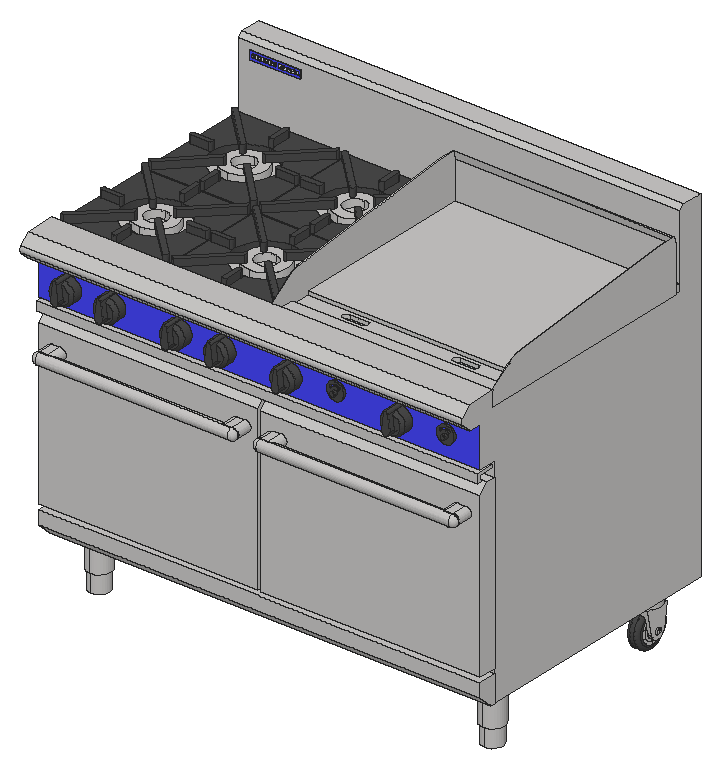
Revit family "QF_MOFFAT_BLUESEAL_CE_G528B", category Specialty Equipment, Revit 2012 (continued)
Definition of nested family "GAS BURNER 600 & GRIDDLE 600"
  Definition of nested family "GAS BURNER 600"
    Lines and regions (mm)
      symbolic lines
        curve 150: spline (414.025, -443.076, 0) -> (415.095, -443.837, 0) -> (416.399, -444.238, 0) -> (417.851, -444.251, 0) -> (419.35, -443.875, 0) -> (420.795, -443.137, 0) -> (422.086, -442.086, 0) -> (423.137, -440.795, 0) -> (423.875, -439.35, 0) -> (424.251, -437.851, 0) -> (424.238, -436.399, 0) -> (423.837, -435.095, 0) -> (423.076, -434.025, 0)
        curve 151: line (443.6, -328.898, 0) -> (443.6, -378.102, 0)
        curve 152: spline (443.6, -378.102, 0) -> (443.818, -379.396, 0) -> (444.457, -380.602, 0) -> (445.475, -381.638, 0) -> (446.8, -382.432, 0) -> (448.344, -382.932, 0) -> (450, -383.102, 0) -> (451.656, -382.932, 0) -> (453.2, -382.432, 0) -> (454.525, -381.638, 0) -> (455.543, -380.602, 0) -> (456.182, -379.396, 0) -> (456.4, -378.102, 0)
        curve 153: line (456.4, -378.102, 0) -> (456.4, -328.898, 0)
        curve 154: spline (456.4, -328.898, 0) -> (456.182, -327.604, 0) -> (455.543, -326.398, 0) -> (454.525, -325.362, 0) -> (453.2, -324.568, 0) -> (451.656, -324.068, 0) -> (450, -323.898, 0) -> (448.344, -324.068, 0) -> (446.8, -324.568, 0) -> (445.475, -325.362, 0) -> (444.457, -326.398, 0) -> (443.818, -327.604, 0) -> (443.6, -328.898, 0)
        curve 155: line (584.847, -326.102, 0) -> (476.924, -434.025, 0)
        curve 156: spline (476.924, -434.025, 0) -> (476.163, -435.095, 0) -> (475.762, -436.399, 0) -> (475.749, -437.851, 0) -> (476.125, -439.35, 0) -> (476.863, -440.795, 0) -> (477.914, -442.086, 0) -> (479.205, -443.137, 0) -> (480.65, -443.875, 0) -> (482.149, -444.251, 0) -> (483.601, -444.238, 0) -> (484.905, -443.837, 0) -> (485.975, -443.076, 0)
        curve 157: line (485.975, -443.076, 0) -> (593.898, -335.153, 0)
        curve 158: spline (593.898, -335.153, 0) -> (594.819, -333.924, 0) -> (595.369, -332.47, 0) -> (595.51, -330.89, 0) -> (595.233, -329.292, 0) -> (594.557, -327.786, 0) -> (593.527, -326.473, 0) -> (592.214, -325.443, 0) -> (590.708, -324.767, 0) -> (589.11, -324.49, 0) -> (587.53, -324.631, 0) -> (586.076, -325.181, 0) -> (584.847, -326.102, 0)
        curve 159: line (591.102, -463.6, 0) -> (541.898, -463.6, 0)
        curve 160: spline (541.898, -463.6, 0) -> (540.604, -463.818, 0) -> (539.398, -464.457, 0) -> (538.362, -465.475, 0) -> (537.568, -466.8, 0) -> (537.068, -468.344, 0) -> (536.898, -470, 0) -> (537.068, -471.656, 0) -> (537.568, -473.2, 0) -> (538.362, -474.525, 0) -> (539.398, -475.543, 0) -> (540.604, -476.182, 0) -> (541.898, -476.4, 0)
        curve 161: line (541.898, -476.4, 0) -> (591.102, -476.4, 0)
        curve 162: spline (591.102, -476.4, 0) -> (592.396, -476.182, 0) -> (593.602, -475.543, 0) -> (594.638, -474.525, 0) -> (595.432, -473.2, 0) -> (595.932, -471.656, 0) -> (596.102, -470, 0) -> (595.932, -468.344, 0) -> (595.432, -466.8, 0) -> (594.638, -465.475, 0) -> (593.602, -464.457, 0) -> (592.396, -463.818, 0) -> (591.102, -463.6, 0)
        curve 163: line (593.898, -603.347, 0) -> (485.975, -496.924, 0)
        curve 164: spline (485.975, -496.924, 0) -> (484.905, -496.163, 0) -> (483.601, -495.762, 0) -> (482.149, -495.749, 0) -> (480.65, -496.125, 0) -> (479.205, -496.863, 0) -> (477.914, -497.914, 0) -> (476.863, -499.205, 0) -> (476.125, -500.65, 0) -> (475.749, -502.149, 0) -> (475.762, -503.601, 0) -> (476.163, -504.905, 0) -> (476.924, -505.975, 0)
        curve 165: line (476.924, -505.975, 0) -> (584.847, -612.398, 0)
        curve 166: spline (584.847, -612.398, 0) -> (585.916, -613.159, 0) -> (587.221, -613.559, 0) -> (588.672, -613.572, 0) -> (590.171, -613.197, 0) -> (591.616, -612.459, 0) -> (592.908, -611.408, 0) -> (593.959, -610.116, 0) -> (594.697, -608.671, 0) -> (595.072, -607.172, 0) -> (595.059, -605.721, 0) -> (594.659, -604.416, 0) -> (593.898, -603.347, 0)
        curve 167: line (315.153, -612.398, 0) -> (423.076, -505.975, 0)
        curve 168: spline (423.076, -505.975, 0) -> (423.837, -504.905, 0) -> (424.238, -503.601, 0) -> (424.251, -502.149, 0) -> (423.875, -500.65, 0) -> (423.137, -499.205, 0) -> (422.086, -497.914, 0) -> (420.795, -496.863, 0) -> (419.35, -496.125, 0) -> (417.851, -495.749, 0) -> (416.399, -495.762, 0) -> (415.095, -496.163, 0) -> (414.025, -496.924, 0)
        curve 169: line (414.025, -496.924, 0) -> (306.102, -603.347, 0)
        curve 170: spline (306.102, -603.347, 0) -> (305.341, -604.416, 0) -> (304.941, -605.721, 0) -> (304.928, -607.172, 0) -> (305.303, -608.671, 0) -> (306.041, -610.116, 0) -> (307.092, -611.408, 0) -> (308.384, -612.459, 0) -> (309.829, -613.197, 0) -> (311.328, -613.572, 0) -> (312.779, -613.559, 0) -> (314.084, -613.159, 0) -> (315.153, -612.398, 0)
        curve 171: line (308.898, -476.4, 0) -> (358.102, -476.4, 0)
        curve 172: spline (358.102, -476.4, 0) -> (359.396, -476.182, 0) -> (360.602, -475.543, 0) -> (361.638, -474.525, 0) -> (362.432, -473.2, 0) -> (362.932, -471.656, 0) -> (363.102, -470, 0) -> (362.932, -468.344, 0) -> (362.432, -466.8, 0) -> (361.638, -465.475, 0) -> (360.602, -464.457, 0) -> (359.396, -463.818, 0) -> (358.102, -463.6, 0)
        curve 173: line (358.102, -463.6, 0) -> (308.898, -463.6, 0)
        curve 174: spline (308.898, -463.6, 0) -> (307.604, -463.818, 0) -> (306.398, -464.457, 0) -> (305.362, -465.475, 0) -> (304.568, -466.8, 0) -> (304.068, -468.344, 0) -> (303.898, -470, 0) -> (304.068, -471.656, 0) -> (304.568, -473.2, 0) -> (305.362, -474.525, 0) -> (306.398, -475.543, 0) -> (307.604, -476.182, 0) -> (308.898, -476.4, 0)
        curve 175: line (456.4, -609.602, 0) -> (456.4, -561.898, 0)
        curve 176: spline (456.4, -561.898, 0) -> (456.182, -560.604, 0) -> (455.543, -559.398, 0) -> (454.525, -558.362, 0) -> (453.2, -557.568, 0) -> (451.656, -557.068, 0) -> (450, -556.898, 0) -> (448.344, -557.068, 0) -> (446.8, -557.568, 0) -> (445.475, -558.362, 0) -> (444.457, -559.398, 0) -> (443.818, -560.604, 0) -> (443.6, -561.898, 0)
        curve 177: line (443.6, -561.898, 0) -> (443.6, -609.602, 0)
        curve 178: spline (443.6, -609.602, 0) -> (443.818, -610.896, 0) -> (444.457, -612.102, 0) -> (445.475, -613.138, 0) -> (446.8, -613.932, 0) -> (448.344, -614.432, 0) -> (450, -614.602, 0) -> (451.656, -614.432, 0) -> (453.2, -613.932, 0) -> (454.525, -613.138, 0) -> (455.543, -612.102, 0) -> (456.182, -610.896, 0) -> (456.4, -609.602, 0)
        curve 179: arc (450.009, -384.418, 0) -> (479.699, -389.834, 0) -> (505.564, -405.385, 0) r 84.082
        curve 180: arc (450.009, -552.582, 0) -> (417.885, -546.204, 0) -> (390.635, -528.036, 0) r 84.082
        curve 181: arc (450, -523.5, 0) -> (467.666, -520.693, 0) -> (483.592, -512.55, 0) r 57
        curve 182: arc (450, -409.5, 0) -> (430.014, -413.119, 0) -> (412.566, -423.515, 0) r 57
        curve 183: arc (450, -436.5, 0) -> (480, -466.5, 0) -> (450, -496.5, 0) r 30
        curve 184: arc (450, -496.5, 0) -> (420, -466.5, 0) -> (450, -436.5, 0) r 30
        curve 185: arc (96.324, -103.773, 0) -> (121.466, -89.404, 0) -> (149.991, -84.418, 0) r 84.082
        curve 186: arc (212.871, -112.68, 0) -> (234.066, -167.408, 0) -> (214.3, -222.668, 0) r 84.082
        curve 187: arc (194.454, -202.178, 0) -> (207, -166.598, 0) -> (194.576, -130.975, 0) r 57
        curve 188: arc (114.628, -211.197, 0) -> (131.275, -220.336, 0) -> (150, -223.5, 0) r 57
        curve 189: arc (405.424, -130.975, 0) -> (393, -166.598, 0) -> (405.546, -202.178, 0) r 57
        curve 190: arc (485.525, -121.924, 0) -> (468.817, -112.696, 0) -> (450, -109.5, 0) r 57
        curve 191: arc (494.454, -202.178, 0) -> (507, -166.598, 0) -> (494.576, -130.975, 0) r 57
        curve 192: arc (414.628, -211.197, 0) -> (431.275, -220.336, 0) -> (450, -223.5, 0) r 57
        curve 193: arc (105.424, -130.975, 0) -> (93, -166.598, 0) -> (105.546, -202.178, 0) r 57
        curve 194: arc (514.501, -414.55, 0) -> (534.086, -469.429, 0) -> (513.293, -523.862, 0) r 84.082
        curve 195: arc (504.155, -532.827, 0) -> (478.827, -547.489, 0) -> (450.009, -552.582, 0) r 84.082
        curve 196: arc (493.031, -503.881, 0) -> (506.947, -468.956, 0) -> (496.089, -432.962, 0) r 57
        curve 197: arc (416.408, -512.55, 0) -> (432.334, -520.693, 0) -> (450, -523.5, 0) r 57
        curve 198: arc (403.911, -432.962, 0) -> (393.053, -468.956, 0) -> (406.969, -503.881, 0) r 57
        curve 199: arc (487.434, -423.515, 0) -> (469.986, -413.119, 0) -> (450, -409.5, 0) r 57
        curve 200: arc (187.434, -423.515, 0) -> (169.986, -413.119, 0) -> (150, -409.5, 0) r 57
        curve 201: arc (103.911, -432.962, 0) -> (93.053, -468.956, 0) -> (106.969, -503.881, 0) r 57
        curve 202: arc (109.732, -506.842, 0) -> (110.614, -507.704, 0) -> (111.516, -508.547, 0) r 57
        curve 203: arc (193.031, -503.881, 0) -> (206.947, -468.956, 0) -> (196.089, -432.962, 0) r 57
        curve 204: arc (214.491, -414.56, 0) -> (234.068, -469.429, 0) -> (213.283, -523.853, 0) r 84.082
        curve 205: arc (94.436, -405.385, 0) -> (120.301, -389.834, 0) -> (149.991, -384.418, 0) r 84.082
        curve 206: arc (86.707, -523.862, 0) -> (65.914, -469.429, 0) -> (85.499, -414.55, 0) r 84.082
        curve 207: arc (116.408, -512.55, 0) -> (132.334, -520.693, 0) -> (150, -523.5, 0) r 57
        curve 208: arc (204.147, -532.819, 0) -> (178.816, -547.487, 0) -> (149.991, -552.582, 0) r 84.082
        curve 209: arc (394.444, -405.393, 0) -> (420.313, -389.836, 0) -> (450.009, -384.418, 0) r 84.082
        curve 210: arc (390.635, -528.036, 0) -> (366.012, -472.294, 0) -> (385.509, -414.56, 0) r 84.082
        curve 211: arc (185.525, -121.924, 0) -> (168.817, -112.696, 0) -> (150, -109.5, 0) r 57
        curve 212: arc (396.332, -103.781, 0) -> (421.477, -89.406, 0) -> (450.009, -84.418, 0) r 84.082
        curve 213: arc (512.881, -112.67, 0) -> (534.084, -167.408, 0) -> (514.31, -222.678, 0) r 84.082
        curve 214: arc (505.339, -231.812, 0) -> (479.559, -247.219, 0) -> (450.009, -252.582, 0) r 84.082
        curve 215: arc (385.7, -222.668, 0) -> (365.934, -167.408, 0) -> (387.129, -112.68, 0) r 84.082
        curve 216: arc (205.331, -231.803, 0) -> (179.547, -247.216, 0) -> (149.991, -252.582, 0) r 84.082
        curve 217: arc (85.69, -222.678, 0) -> (65.916, -167.408, 0) -> (87.119, -112.67, 0) r 84.082
    Dimensions and locks
      equal spacing: plane 3 "LEFT", plane 7 "Center Y", plane 4 "RIGHT"
      "Width": plane 3 "LEFT" to plane 4 "RIGHT"
      equal spacing: plane 5 "FRONT", plane 8 "Center X", plane 1 "BACK"
      "Depth": plane 5 "FRONT" to plane 1 "BACK"
      aligned and locked: level to plane 2
    Automatic sketch dimensions
      plane 3 "LEFT" to Extrusion 1 sketch curve = 4 mm  (x2)
      plane 1 "BACK" to Extrusion 1 sketch curve = 0 mm
      plane 3 "LEFT" to Extrusion 1 sketch curve = 1 mm  (x2)
      Extrusion 1 sketch curve to Extrusion 1 sketch curve = 3 mm  (x5)
      plane 8 "Center X" to Extrusion 1 sketch curve = 149 mm
      Extrusion 1 sketch curve to plane 7 "Center Y" = 1 mm  (x2)
      plane 8 "Center X" to Extrusion 1 sketch curve = 2 mm  (x2)
      Extrusion 1 sketch curve to plane 5 "FRONT" = 166.5 mm
      Extrusion 1 sketch curve to plane 5 "FRONT" = 3 mm  (x2)
      plane 3 "LEFT" to Extrusion 1 sketch curve = 149.991 mm  (x2)
      Extrusion 2 sketch curve to Extrusion 1 = 22.602 mm  (x2)
      Extrusion 2 sketch curve to Extrusion 1 = 25.398 mm  (x2)
      Extrusion 2 sketch curve to Extrusion 2 sketch curve = 4.525 mm  (x16)
      Extrusion 2 sketch curve to Extrusion 2 sketch curve = 49.204 mm  (x5)
      Extrusion 2 sketch curve to Extrusion 2 sketch curve = 55.923 mm  (x5)
      Extrusion 2 sketch curve to Extrusion 2 sketch curve = 0 mm  (x5)
      Extrusion 2 sketch curve to Extrusion 2 sketch curve = 20.524 mm  (x8)
      Extrusion 2 sketch curve to Extrusion 2 sketch curve = 6.4 mm  (x8)
      Extrusion 2 sketch curve to Extrusion 2 sketch curve = 53.847 mm  (x8)
      Extrusion 2 sketch curve to Extrusion 1 = 56.602 mm
      Extrusion 2 sketch curve to Extrusion 1 = 5.102 mm  (x6)
      Extrusion 2 sketch curve to Extrusion 1 = 13.653 mm  (x2)
      Extrusion 2 sketch curve to Extrusion 1 = 7.398 mm  (x2)
      Extrusion 2 sketch curve to Extrusion 1 = 4.602 mm  (x2)
      Extrusion 2 sketch curve to Extrusion 1 = 7.898 mm  (x4)
      Extrusion 2 sketch curve to Extrusion 1 = 31.653 mm  (x2)
      Extrusion 2 sketch curve to Extrusion 1 = 57.102 mm
      Extrusion 2 sketch curve to Extrusion 1 = 14.153 mm
      Extrusion 3 sketch curve to Extrusion 3 sketch curve = 0 mm  (x24)
      plane 8 "Center X" to Extrusion 3 sketch curve = 208 mm
      Extrusion 3 sketch curve to Extrusion 3 sketch curve = 27 mm  (x2)
      Extrusion 3 sketch curve to Extrusion 3 sketch curve = 30 mm  (x2)
      Extrusion 3 sketch curve to plane 5 "FRONT" = 225.5 mm
      plane 3 "LEFT" to Extrusion 3 sketch curve = 150 mm  (x2)
      plane 4 "RIGHT" to Extrusion 4 sketch curve = 4 mm  (x2)
      plane 1 "BACK" to Extrusion 4 sketch curve = 0 mm
      plane 4 "RIGHT" to Extrusion 4 sketch curve = 1 mm  (x2)
      Extrusion 4 sketch curve to Extrusion 4 sketch curve = 3 mm  (x5)
      plane 8 "Center X" to Extrusion 4 sketch curve = 149 mm
      plane 7 "Center Y" to Extrusion 4 sketch curve = 1 mm  (x2)
      plane 8 "Center X" to Extrusion 4 sketch curve = 2 mm  (x2)
      Extrusion 4 sketch curve to plane 5 "FRONT" = 166.5 mm
      Extrusion 4 sketch curve to plane 5 "FRONT" = 3 mm  (x2)
      plane 4 "RIGHT" to Extrusion 4 sketch curve = 149.991 mm  (x2)
      Extrusion 5 sketch curve to Extrusion 4 = 22.602 mm  (x2)
      Extrusion 5 sketch curve to Extrusion 4 = 25.398 mm  (x2)
      Extrusion 5 sketch curve to Extrusion 5 sketch curve = 4.525 mm  (x16)
      Extrusion 5 sketch curve to Extrusion 5 sketch curve = 49.204 mm  (x4)
      Extrusion 5 sketch curve to Extrusion 5 sketch curve = 55.923 mm  (x5)
      Extrusion 5 sketch curve to Extrusion 5 sketch curve = 0 mm  (x6)
      Extrusion 5 sketch curve to Extrusion 5 sketch curve = 20.524 mm  (x7)
      Extrusion 5 sketch curve to Extrusion 5 sketch curve = 6.4 mm  (x8)
      Extrusion 5 sketch curve to Extrusion 5 sketch curve = 53.847 mm  (x8)
      Extrusion 5 sketch curve to Extrusion 4 = 56.602 mm
      Extrusion 5 sketch curve to Extrusion 4 = 5.102 mm  (x6)
      Extrusion 5 sketch curve to Extrusion 4 = 13.653 mm  (x2)
      Extrusion 5 sketch curve to Extrusion 4 = 7.398 mm  (x2)
      Extrusion 5 sketch curve to Extrusion 4 = 4.602 mm  (x2)
      Extrusion 5 sketch curve to Extrusion 4 = 7.898 mm  (x4)
      Extrusion 5 sketch curve to Extrusion 4 = 31.653 mm  (x2)
      Extrusion 5 sketch curve to Extrusion 4 = 57.102 mm  (x2)
      Extrusion 5 sketch curve to Extrusion 4 = 14.153 mm
      Extrusion 6 sketch curve to Extrusion 6 sketch curve = 0 mm  (x24)
      plane 8 "Center X" to Extrusion 6 sketch curve = 208 mm
      Extrusion 6 sketch curve to Extrusion 6 sketch curve = 27 mm  (x2)
      Extrusion 6 sketch curve to Extrusion 6 sketch curve = 30 mm  (x2)
      Extrusion 6 sketch curve to plane 5 "FRONT" = 225.5 mm
      plane 4 "RIGHT" to Extrusion 6 sketch curve = 150 mm  (x2)
      curve 1 to plane 7 "Center Y" = 123.076 mm
      curve 2 to curve 2 = 4.525 mm
      curve 1 to plane 7 "Center Y" = 15.153 mm
      curve 1 to curve 4 = 4.525 mm
      plane 1 "BACK" to curve 3 = 139.576 mm
      plane 1 "BACK" to curve 4 = 31.653 mm
      curve 7 to plane 7 "Center Y" = 58.102 mm
      curve 8 to plane 7 "Center Y" = 8.898 mm
      curve 8 to curve 2 = 20.524 mm
      curve 6 to curve 5 = 6.4 mm
      plane 7 "Center Y" to curve 9 = 6.102 mm
      curve 9 to curve 12 = 4.525 mm
      plane 7 "Center Y" to curve 10 = 114.025 mm
      curve 10 to curve 10 = 4.525 mm
      curve 5 to curve 10 = 20.524 mm
      curve 3 to curve 9 = 0 mm
      plane 1 "BACK" to curve 13 = 25.398 mm
      curve 10 to curve 13 = 20.524 mm
      curve 13 to curve 16 = 6.4 mm
      curve 14 to curve 15 = 49.204 mm
      curve 11 to curve 17 = 53.847 mm
      curve 18 to curve 18 = 4.525 mm
      plane 4 "RIGHT" to curve 17 = 15.153 mm
      curve 20 to curve 20 = 4.525 mm
      curve 18 to curve 11 = 9.051 mm
      plane 1 "BACK" to curve 20 = 31.653 mm
      plane 4 "RIGHT" to curve 22 = 58.102 mm
      plane 4 "RIGHT" to curve 21 = 8.898 mm
      curve 23 to curve 18 = 33.324 mm
      curve 22 to curve 22 = 6.4 mm
      curve 26 to curve 18 = 9.051 mm
      curve 27 to curve 26 = 4.525 mm
      plane 8 "Center X" to curve 27 = 3.602 mm
      plane 4 "RIGHT" to curve 27 = 15.153 mm
      curve 27 to curve 28 = 4.525 mm
      curve 27 to curve 18 = 62.898 mm
      curve 30 to curve 26 = 31.449 mm
      curve 192 to curve 27 = 21.025 mm
      curve 26 to curve 29 = 31.449 mm
      curve 14 to curve 31 = 0.009 mm
      curve 32 to curve 29 = 29.082 mm
      curve 31 to curve 29 = 2 mm
      curve 29 to curve 33 = 0 mm  (x2)
      curve 29 to curve 34 = 27 mm
      curve 211 to curve 2 = 31.449 mm
      curve 35 to curve 3 = 83.924 mm
      curve 35 to curve 2 = 31.449 mm
      curve 37 to curve 211 = 0.009 mm
      curve 216 to curve 35 = 29.082 mm
      curve 38 to curve 36 = 2 mm
      curve 42 to curve 185 = 6.391 mm
      curve 41 to curve 40 = 6.4 mm
      curve 185 to curve 41 = 9.816 mm
      plane 1 "BACK" to curve 41 = 25.398 mm
      plane 7 "Center Y" to curve 44 = 8.898 mm
      curve 44 to curve 45 = 49.204 mm
      curve 7 to curve 44 = 0 mm
      curve 45 to curve 44 = 6.4 mm
      plane 7 "Center Y" to curve 48 = 6.102 mm
      curve 48 to curve 48 = 4.525 mm
      curve 50 to curve 33 = 35.975 mm
      curve 47 to curve 50 = 4.525 mm
      plane 8 "Center X" to curve 48 = 3.602 mm
      curve 50 to curve 33 = 5.975 mm
      plane 8 "Center X" to curve 53 = 6.398 mm
      curve 53 to curve 32 = 6.409 mm
      curve 53 to curve 54 = 6.4 mm
      curve 52 to curve 32 = 9.316 mm
      plane 1 "BACK" to curve 56 = 0 mm
      plane 7 "Center Y" to curve 57 = 1 mm
      curve 57 to curve 56 = 3 mm
      curve 59 to plane 8 "Center X" = 1 mm
      plane 7 "Center Y" to curve 59 = 4 mm
      plane 4 "RIGHT" to curve 55 = 4 mm
      plane 4 "RIGHT" to curve 59 = 4 mm
      plane 4 "RIGHT" to curve 60 = 1 mm
      plane 1 "BACK" to curve 64 = 0 mm
      curve 66 to plane 8 "Center X" = 1 mm
      plane 3 "LEFT" to curve 66 = 4 mm
      plane 3 "LEFT" to curve 63 = 4 mm
      plane 3 "LEFT" to curve 64 = 1 mm
      curve 70 to plane 7 "Center Y" = 4 mm
      curve 68 to plane 7 "Center Y" = 4 mm
      curve 70 to plane 7 "Center Y" = 1 mm
      plane 5 "FRONT" to curve 74 = 0 mm
      plane 3 "LEFT" to curve 72 = 1 mm
      plane 3 "LEFT" to curve 74 = 4 mm
      curve 71 to curve 66 = 0 mm
      curve 75 to plane 7 "Center Y" = 4 mm
      curve 78 to plane 7 "Center Y" = 4 mm
      curve 77 to plane 7 "Center Y" = 1 mm
      curve 78 to curve 67 = 6 mm
      plane 5 "FRONT" to curve 82 = 0 mm
      plane 7 "Center Y" to curve 80 = 1 mm
      plane 7 "Center Y" to curve 82 = 4 mm
      curve 79 to curve 59 = 0 mm  (x2)
      plane 4 "RIGHT" to curve 83 = 4 mm
      plane 4 "RIGHT" to curve 84 = 1 mm
      curve 78 to curve 80 = 0 mm
      curve 35 to curve 88 = 26.924 mm
      curve 89 to curve 88 = 4.525 mm
      plane 8 "Center X" to curve 90 = 3.602 mm
      curve 90 to curve 68 = 11.153 mm
      curve 89 to curve 90 = 4.525 mm
      curve 35 to curve 89 = 21.025 mm
      plane 3 "LEFT" to curve 94 = 6.102 mm
      curve 94 to curve 94 = 4.525 mm
      curve 92 to curve 38 = 35.966 mm
      curve 92 to curve 92 = 4.525 mm
      plane 8 "Center X" to curve 91 = 3.602 mm
      curve 188 to curve 92 = 21.025 mm
      plane 3 "LEFT" to curve 98 = 8.898 mm
      curve 97 to curve 97 = 49.204 mm
      curve 93 to curve 98 = 20.524 mm
      curve 95 to curve 98 = 6.4 mm
      plane 3 "LEFT" to curve 102 = 6.102 mm
      curve 99 to curve 102 = 4.525 mm
      curve 100 to curve 36 = 35.975 mm
      curve 99 to curve 100 = 4.525 mm
      curve 36 to curve 100 = 26.924 mm
      curve 102 to curve 64 = 28.653 mm
      curve 35 to curve 103 = 0 mm  (x2)
      curve 35 to curve 104 = 27 mm
      curve 107 to curve 38 = 6.391 mm
      curve 107 to curve 108 = 6.4 mm
      plane 8 "Center X" to curve 108 = 6.398 mm
      curve 106 to curve 216 = 9.316 mm
      curve 112 to curve 107 = 0 mm
      curve 111 to curve 110 = 6.4 mm
      curve 111 to plane 8 "Center X" = 60.602 mm
      curve 110 to plane 8 "Center X" = 11.398 mm
      curve 109 to curve 114 = 20.524 mm
      curve 114 to curve 114 = 4.525 mm
      curve 116 to curve 78 = 11.153 mm
      curve 116 to curve 116 = 4.525 mm
      curve 115 to curve 109 = 64.974 mm
      curve 116 to curve 78 = 10.653 mm
      plane 3 "LEFT" to curve 118 = 6.102 mm
      curve 118 to curve 118 = 4.525 mm
      curve 120 to curve 113 = 62.898 mm
      curve 119 to curve 120 = 4.525 mm
      curve 120 to curve 113 = 9.051 mm
      curve 119 to curve 72 = 10.653 mm
      plane 3 "LEFT" to curve 121 = 8.898 mm
      curve 121 to curve 124 = 49.204 mm
      curve 123 to curve 120 = 33.324 mm
      curve 123 to curve 124 = 6.4 mm
      plane 3 "LEFT" to curve 126 = 6.102 mm
      curve 125 to curve 126 = 4.525 mm
      curve 125 to curve 119 = 0 mm
      curve 125 to curve 128 = 4.525 mm
      curve 74 to curve 127 = 19.602 mm
      curve 127 to curve 119 = 62.898 mm
      curve 127 to curve 130 = 20.524 mm
      curve 131 to curve 132 = 6.4 mm
      curve 132 to plane 5 "FRONT" = 25.398 mm
      curve 132 to curve 131 = 47.704 mm
      curve 127 to curve 136 = 53.847 mm
      curve 133 to curve 136 = 4.525 mm
      curve 134 to plane 7 "Center Y" = 15.153 mm
      curve 133 to curve 134 = 4.525 mm
      curve 76 to curve 134 = 19.602 mm
      curve 127 to curve 136 = 0 mm
      curve 208 to curve 130 = 0.009 mm
      curve 130 to curve 208 = 9.316 mm
      curve 137 to curve 120 = 29.949 mm
      curve 137 to curve 200 = 0.009 mm
      curve 208 to curve 139 = 29.082 mm
      curve 137 to curve 203 = 2 mm
      curve 203 to curve 141 = 0 mm  (x2)
      curve 139 to curve 142 = 27 mm
      curve 144 to plane 7 "Center Y" = 58.102 mm
      curve 143 to plane 7 "Center Y" = 8.898 mm
      curve 135 to curve 144 = 20.524 mm
      curve 144 to curve 144 = 6.4 mm
      plane 7 "Center Y" to curve 149 = 6.102 mm
      curve 148 to curve 148 = 4.525 mm
      plane 7 "Center Y" to curve 150 = 114.025 mm
      curve 149 to curve 150 = 4.525 mm
      curve 143 to curve 150 = 20.524 mm
      curve 149 to curve 80 = 10.653 mm
      curve 151 to curve 53 = 0 mm
      curve 151 to curve 154 = 6.4 mm
      curve 152 to plane 8 "Center X" = 60.602 mm
      curve 151 to plane 8 "Center X" = 11.398 mm
      curve 150 to curve 156 = 53.847 mm
      curve 156 to curve 156 = 4.525 mm
      curve 155 to curve 86 = 11.153 mm
      curve 155 to curve 158 = 4.525 mm
      curve 157 to curve 150 = 9.051 mm
      curve 158 to curve 86 = 10.653 mm
      plane 4 "RIGHT" to curve 160 = 58.102 mm
      plane 4 "RIGHT" to curve 159 = 8.898 mm
      curve 161 to curve 156 = 33.324 mm
      curve 160 to curve 160 = 6.4 mm
      curve 164 to curve 156 = 9.051 mm
      curve 164 to curve 164 = 4.525 mm
      plane 4 "RIGHT" to curve 165 = 15.153 mm
      curve 165 to curve 166 = 4.525 mm
      curve 84 to curve 165 = 19.602 mm
      curve 164 to curve 156 = 62.898 mm
      plane 7 "Center Y" to curve 170 = 6.102 mm
      curve 170 to curve 170 = 4.525 mm
      curve 168 to curve 150 = 0 mm
      curve 168 to curve 168 = 4.525 mm  (x2)
      curve 82 to curve 170 = 19.602 mm
      curve 167 to curve 164 = 0 mm
      plane 7 "Center Y" to curve 171 = 8.898 mm
      curve 174 to curve 172 = 49.204 mm
      curve 169 to curve 172 = 20.524 mm
      curve 171 to curve 172 = 6.4 mm
      curve 167 to curve 176 = 20.524 mm
      curve 178 to curve 178 = 6.4 mm
      curve 177 to plane 5 "FRONT" = 25.398 mm
      curve 175 to curve 175 = 47.704 mm
      curve 180 to curve 156 = 31.44 mm
      curve 176 to curve 180 = 9.316 mm
      curve 180 to curve 156 = 29.949 mm
      curve 182 to curve 179 = 0.009 mm
      curve 195 to curve 181 = 29.082 mm
      curve 179 to curve 181 = 2 mm
      curve 181 to curve 183 = 0 mm  (x2)
      curve 181 to curve 184 = 27 mm
      curve 37 to curve 38 = 0 mm  (x2)
      curve 185 to curve 100 = 22.227 mm
      curve 37 to curve 185 = 0 mm
      curve 2 to curve 37 = 22.219 mm
      curve 35 to curve 36 = 0 mm  (x2)
      curve 88 to curve 35 = 3.923 mm
      curve 35 to curve 211 = 0 mm
      curve 193 to curve 92 = 13.004 mm
      curve 29 to curve 30 = 0 mm  (x2)
      curve 189 to curve 10 = 13.126 mm
      curve 29 to curve 189 = 0 mm  (x2)
      curve 18 to curve 190 = 4.076 mm
      curve 29 to curve 190 = 0 mm
      curve 29 to curve 191 = 0 mm  (x2)
      curve 26 to curve 29 = 3.923 mm
      curve 189 to curve 50 = 13.004 mm
      curve 35 to curve 188 = 0 mm
      curve 35 to curve 193 = 0 mm  (x2)
      curve 193 to curve 100 = 13.126 mm
      curve 179 to curve 180 = 0 mm  (x2)
      curve 156 to curve 194 = 33.052 mm
      curve 179 to curve 194 = 0 mm  (x2)
      curve 179 to curve 195 = 0 mm
      curve 181 to curve 198 = 0 mm  (x2)
      curve 164 to curve 181 = 2.142 mm
      curve 181 to curve 196 = 0 mm  (x2)
      curve 198 to curve 168 = 11.581 mm
      curve 181 to curve 182 = 0 mm  (x2)
      curve 182 to curve 150 = 5.985 mm
      curve 181 to curve 197 = 0 mm
      curve 156 to curve 196 = 14.64 mm
      curve 203 to curve 140 = 0 mm  (x2)
      curve 114 to curve 200 = 5.985 mm
      curve 203 to curve 200 = 0 mm
      curve 201 to curve 120 = 14.64 mm
      curve 203 to curve 201 = 0 mm  (x2)
      curve 201 to curve 128 = 11.581 mm
      curve 139 to curve 140 = 0 mm  (x2)
      curve 136 to curve 139 = 2.142 mm
      curve 137 to curve 138 = 0 mm  (x2)
      curve 203 to curve 137 = 9.467 mm
      curve 137 to curve 204 = 0 mm  (x2)
      curve 137 to curve 204 = 8.936 mm
      curve 137 to curve 205 = 0 mm
      curve 205 to curve 140 = 18.13 mm
      curve 206 to curve 205 = 8.937 mm
      curve 206 to curve 205 = 9.165 mm
      curve 137 to curve 206 = 0 mm  (x2)
      curve 138 to curve 201 = 11.124 mm
      curve 139 to curve 202 = 0 mm  (x2)
      curve 202 to curve 202 = 1.784 mm
      curve 137 to curve 208 = 0 mm
      curve 203 to curve 204 = 20.253 mm
      curve 208 to curve 204 = 9.136 mm
      curve 208 to curve 204 = 8.967 mm
      curve 139 to curve 207 = 0 mm
      curve 139 to curve 203 = 9.439 mm
      curve 202 to curve 207 = 4.893 mm
      curve 207 to curve 202 = 4.003 mm
      curve 206 to curve 138 = 9.138 mm
      curve 138 to curve 206 = 8.965 mm
      curve 201 to curve 202 = 2.762 mm
      curve 202 to curve 201 = 2.96 mm
      curve 206 to curve 201 = 18.412 mm
      curve 203 to curve 136 = 6.958 mm
      curve 200 to curve 203 = 8.655 mm
      curve 201 to curve 140 = 9.447 mm
      curve 179 to curve 209 = 0 mm
      curve 210 to curve 182 = 27.057 mm
      curve 179 to curve 210 = 0 mm  (x2)
      curve 180 to curve 197 = 25.774 mm
      curve 181 to curve 199 = 0 mm
      curve 180 to curve 198 = 16.335 mm
      curve 198 to curve 182 = 8.655 mm
      curve 198 to curve 169 = 6.958 mm
      curve 199 to curve 196 = 8.655 mm
      curve 196 to curve 199 = 9.447 mm
      curve 181 to curve 196 = 9.439 mm
      curve 181 to curve 196 = 8.668 mm
      curve 210 to curve 209 = 8.936 mm
      curve 195 to curve 194 = 9.138 mm
      curve 179 to curve 194 = 8.937 mm
      curve 194 to curve 179 = 9.165 mm
      curve 195 to curve 194 = 8.965 mm
      curve 35 to curve 187 = 0 mm  (x2)
      curve 2 to curve 187 = 13.126 mm
      curve 31 to curve 32 = 0 mm  (x2)
      curve 212 to curve 189 = 9.093 mm
      curve 31 to curve 212 = 0 mm
      curve 190 to curve 31 = 18.152 mm
      curve 31 to curve 213 = 0 mm  (x2)
      curve 29 to curve 214 = 19.967 mm
      curve 31 to curve 214 = 0 mm
      curve 31 to curve 215 = 0 mm  (x2)
      curve 32 to curve 192 = 19.959 mm
      curve 31 to curve 213 = 9.204 mm
      curve 29 to curve 192 = 0 mm
      curve 190 to curve 191 = 9.051 mm
      curve 214 to curve 213 = 8.97 mm
      curve 214 to curve 213 = 9.134 mm
      curve 29 to curve 191 = 9.081 mm
      curve 29 to curve 191 = 9.019 mm
      curve 32 to curve 189 = 10.878 mm
      curve 192 to curve 189 = 9.019 mm
      curve 215 to curve 32 = 8.969 mm
      curve 32 to curve 215 = 9.135 mm
      curve 215 to curve 212 = 9.203 mm
      curve 215 to curve 212 = 8.899 mm
      curve 189 to curve 30 = 9.051 mm  (x2)
      curve 37 to curve 186 = 0 mm  (x2)
      curve 187 to curve 186 = 19.847 mm
      curve 37 to curve 216 = 0 mm
      curve 216 to curve 186 = 8.969 mm
      curve 35 to curve 187 = 9.081 mm
      curve 193 to curve 188 = 9.081 mm
      curve 188 to curve 193 = 9.019 mm
      curve 37 to curve 217 = 0 mm  (x2)
      curve 38 to curve 193 = 10.886 mm
      curve 217 to curve 38 = 8.97 mm
      curve 38 to curve 217 = 9.134 mm
      curve 217 to curve 185 = 9.204 mm
      curve 216 to curve 186 = 9.135 mm
      curve 37 to curve 186 = 9.203 mm
      curve 186 to curve 37 = 8.899 mm
      curve 211 to curve 187 = 9.051 mm
      curve 187 to curve 87 = 8.754 mm
      curve 193 to curve 36 = 9.051 mm
      curve 2 to curve 211 = 8.601 mm
      radius of Extrusion 1 sketch curve = 84.082 mm  (x2)
      radius of Extrusion 4 sketch curve = 84.082 mm  (x2)
  Definition of nested family "GAS GRIDDLE PLATE 600"
    Parameters (values of type "GAS GRIDDLE PLATE 600")
      Width [instance] = 600 mm
      Weight in Pounds = 0
      URL Cutsheet = ""
      Type Mark [instance] = ""
      Status [instance] = ""
      Specification by User [instance] = ""
      Specification by Manufacturer = ""
      Serial Number = ""
      Seismic Rating = ""
      SMACNA No = ""
      Revision Code [instance] = ""
      Omniclass Number and Title = ""
      NAFEM Spec ID Number = ""
      Masterspec = ""
      Item Number [instance] = ""
      Installed By [instance] = ""
      Identify Quantity as Lot [instance] = yes
      Furnished By [instance] = ""
      Foodservice Equipment Identifier [instance] = yes
      Depth [instance] = 620 mm
      CSI MasterFormat = ""
      CSI Master Format = ""
    Reference planes
      plane 1 "BACK": y = 0
      plane 2: z = 0
      plane 3 "LEFT": x = 0
      plane 4 "RIGHT": x = 600
      plane 5 "FRONT": y = -620
      plane 6 "TOP": z = 142.5
      plane 7 "Center Y": x = 300
      plane 8 "Center X": y = -310
      plane 9: y = -530.997
      plane 10: y = -541.497
      plane 11: y = -503.25
      plane 12: y = -557.737
    Forms (mm)
      Extrusion 1, solid, material "QF_Finishes_Stainless Steel"
        sketch origin (0, 70.003, -874.5) x (0, 1, 0) y (0, 0, 1)
          loop
            line (-70, 875) -> (-70, 997.489) -> (-75.228, 1017) -> (-117.24, 1017) -> (-589.533, 971.523)
            arc (-589.533, 971.523) -> (-614.56, 965.803) -> (-637.306, 953.899) r 100
            line (-637.306, 953.899) -> (-690.003, 917) -> (-690.003, 875) -> (-70, 875)
        from 0 to 1.8
      Extrusion 2, solid, material "QF_Finishes_Stainless Steel"
        sketch origin (600, 70.003, -874.5) x (0, -1, 0) y (0, 0, 1)
          loop
            line (70, 875) -> (690.003, 875) -> (690.003, 917) -> (637.306, 953.899)
            arc (637.306, 953.899) -> (614.56, 965.803) -> (589.533, 971.523) r 100
            line (589.533, 971.523) -> (117.24, 1017) -> (75.228, 1017) -> (70, 997.489) -> (70, 875)
        from 0 to 1.2
      Extrusion 3, solid, material "QF_Finishes_Stainless Steel"
        sketch origin (150, 70.003, -874.5) x (0, 1, 0) y (0, 0, 1)
          loop
            line (-55, 895) -> (-573.253, 895) -> (-573.253, 884.5) -> (-627.74, 884.5) -> (-627.74, 895) -> (-690.003, 895) -> (-690.003, 875) -> (-55, 875) -> (-55, 895)
        from -148.2 to 448.8
      Extrusion 4, void
        sketch origin (150, -541.497, 10) x (0, -1, 0) y (1, 0, 0)
          loop
            arc (-7.497, 25.113) -> (-17.497, 35.113) -> (-27.497, 25.113) r 10
            line (-27.497, 25.113) -> (-27.497, -24.887)
            arc (-27.497, -24.887) -> (-17.497, -34.887) -> (-7.497, -24.887) r 10
            line (-7.497, -24.887) -> (-7.497, 25.113)
          loop
            line (-7.497, 274.887) -> (-7.497, 324.887)
            arc (-7.497, 324.887) -> (-17.497, 334.887) -> (-27.497, 324.887) r 10
            line (-27.497, 324.887) -> (-27.497, 274.887)
            arc (-27.497, 274.887) -> (-17.497, 264.887) -> (-7.497, 274.887) r 10
        from -41.4 to 40.142
      Extrusion 5, solid, material "QF_Finishes_Stainless Steel"
        sketch origin (0, 70.003, -874.5) x (0, 1, 0) y (0, 0, 1)
          loop
            line (-70, 875) -> (-70, 997.489) -> (-75.228, 1017) -> (-76.884, 1017) -> (-71.6, 997.278) -> (-71.6, 875) -> (-70, 875)
        from 0 to 598.8
    Cuts and joins
      Extrusion 4 cuts Extrusion 3
      joined: Extrusion 1, Extrusion 2, Extrusion 3, Extrusion 5
    Lines and regions (mm)
      symbolic lines
        curve 1: line (600, -503.25, 0) -> (0, -503.25, 0)
        curve 2: line (0, -557.737, 0) -> (600, -557.737, 0)
        curve 3: line (0, -1.68, 0) -> (600, -1.68, 0)
        curve 4: line (600, -1.68, 0) -> (600, -620, 0)
        curve 5: line (0, -620, 0) -> (0, -1.68, 0)
        curve 6: line (0, -620, 0) -> (600, -620, 0)
        curve 7: arc (175.113, -534, 0) -> (185.113, -524, 0) -> (175.113, -514, 0) r 10
        curve 8: line (175.113, -514, 0) -> (125.113, -514, 0)
        curve 9: arc (125.113, -514, 0) -> (115.113, -524, 0) -> (125.113, -534, 0) r 10
        curve 10: line (125.113, -534, 0) -> (175.113, -534, 0)
        curve 11: arc (424.887, -534, 0) -> (414.887, -524, 0) -> (424.887, -514, 0) r 10
        curve 12: line (424.887, -514, 0) -> (474.887, -514, 0)
        curve 13: arc (474.887, -514, 0) -> (484.887, -524, 0) -> (474.887, -534, 0) r 10
        curve 14: line (474.887, -534, 0) -> (424.887, -534, 0)
    Dimensions and locks
      equal spacing: plane 3 "LEFT", plane 7 "Center Y", plane 4 "RIGHT"
      "Width": plane 3 "LEFT" to plane 4 "RIGHT"
      equal spacing: plane 5 "FRONT", plane 8 "Center X", plane 1 "BACK"
      "Depth": plane 5 "FRONT" to plane 1 "BACK"
      locked: Extrusion 2 to Extrusion 2 at 1.2
      aligned and locked: level to plane 2
      aligned and locked: Extrusion 2 to plane 4 "RIGHT"
      aligned and locked: curve 1 to plane 11
      aligned and locked: plane 12 to curve 2
      aligned and locked: Extrusion 5 to cut or joined group of Extrusion 1, Extrusion 2, Extrusion 3, Extrusion 4, Extrusion 5
    Automatic sketch dimensions
      Extrusion 1 sketch curve to plane 5 "FRONT" = 0 mm
      Extrusion 1 sketch curve to plane 6 "TOP" = 0 mm
      plane 12 to Extrusion 1 sketch curve = 9.566 mm
      plane 11 to Extrusion 1 sketch curve = 16.28 mm
      Extrusion 1 sketch curve to level = 2.516 mm
      plane 11 to Extrusion 1 sketch curve = 6.695 mm
      plane 1 "BACK" to Extrusion 1 sketch curve = 47.237 mm
      plane 1 "BACK" to Extrusion 1 sketch curve = 5.225 mm
      Extrusion 1 sketch curve to plane 1 "BACK" = 0.003 mm
      level to Extrusion 1 sketch curve = 0.5 mm
      Extrusion 1 sketch curve to Extrusion 1 sketch curve = 42 mm
      Extrusion 1 sketch curve to plane 6 "TOP" = 63.101 mm
      Extrusion 1 sketch curve to plane 6 "TOP" = 19.511 mm
      Extrusion 2 sketch curve to plane 6 "TOP" = 0 mm
      Extrusion 2 sketch curve to plane 5 "FRONT" = 0 mm
      plane 12 to Extrusion 2 sketch curve = 9.566 mm
      plane 11 to Extrusion 2 sketch curve = 16.28 mm
      Extrusion 2 sketch curve to level = 2.516 mm
      plane 11 to Extrusion 2 sketch curve = 6.695 mm
      plane 1 "BACK" to Extrusion 2 sketch curve = 47.237 mm
      plane 1 "BACK" to Extrusion 2 sketch curve = 5.225 mm
      Extrusion 2 sketch curve to plane 1 "BACK" = 0.003 mm
      level to Extrusion 2 sketch curve = 0.5 mm
      Extrusion 2 sketch curve to Extrusion 2 sketch curve = 42 mm
      Extrusion 2 sketch curve to plane 6 "TOP" = 63.101 mm
      Extrusion 2 sketch curve to plane 6 "TOP" = 19.511 mm
      Extrusion 3 sketch curve to plane 5 "FRONT" = 0 mm
      Extrusion 3 sketch curve to plane 12 = 0 mm
      Extrusion 3 sketch curve to plane 11 = 0 mm
      Extrusion 3 sketch curve to plane 1 "BACK" = 15.003 mm
      level to Extrusion 3 sketch curve = 0.5 mm
      level to Extrusion 3 sketch curve = 10 mm
      Extrusion 3 sketch curve to Extrusion 3 sketch curve = 10.5 mm  (x2)
      plane 1 "BACK" to Extrusion 5 sketch curve = 5.225 mm
      Extrusion 5 sketch curve to plane 1 "BACK" = 0.003 mm
      Extrusion 5 sketch curve to plane 6 "TOP" = 19.511 mm
      Extrusion 5 sketch curve to Extrusion 5 sketch curve = 1.6 mm
      Extrusion 5 sketch curve to Extrusion 5 sketch curve = 0.211 mm
      Extrusion 5 sketch curve to plane 6 "TOP" = 0 mm
      Extrusion 5 sketch curve to Extrusion 5 sketch curve = 1.656 mm
      level to Extrusion 5 sketch curve = 0.5 mm
      plane 11 to Extrusion 4 sketch curve = 10.75 mm  (x2)
      Extrusion 4 sketch curve to Extrusion 4 sketch curve = 10 mm  (x2)
      plane 3 "LEFT" to Extrusion 4 sketch curve = 125.113 mm
      Extrusion 4 sketch curve to Extrusion 4 sketch curve = 50 mm  (x2)
      plane 7 "Center Y" to Extrusion 4 sketch curve = 124.887 mm
      curve 6 to plane 3 "LEFT" = 0 mm
      curve 3 to plane 4 "RIGHT" = 0 mm
      plane 5 "FRONT" to curve 6 = 0 mm
      plane 11 to curve 8 = 10.75 mm
      plane 3 "LEFT" to curve 8 = 125.113 mm
      curve 10 to plane 12 = 23.737 mm
      curve 9 to curve 10 = 50 mm
      curve 11 to plane 12 = 23.737 mm
      plane 7 "Center Y" to curve 11 = 124.887 mm
      plane 11 to curve 12 = 10.75 mm
      curve 12 to curve 12 = 50 mm
      plane 1 "BACK" to curve 3 = 1.68 mm
